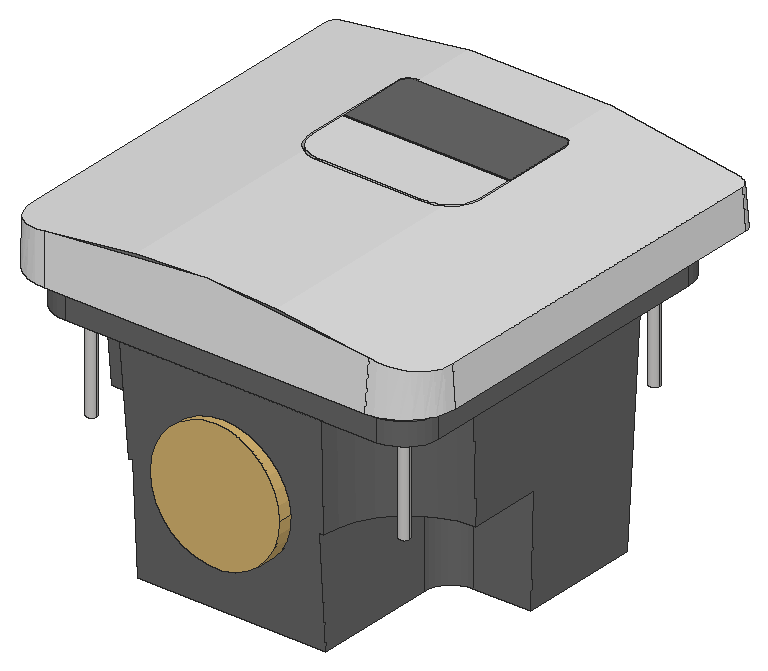
Revit family "Plumbing-Flushometer-Sloan-Valve-TRF-8196_", category Plumbing Fixtures, host Face, Revit 2019
Family settings
  Host = Face
  Round Connector Dimension = Use Diameter
  Part Type = Normal
  OmniClass Number = 23.45.05.14.99
  OmniClass Title = Other Sanitary Washing Plumbing Fixtures
  Cut with Voids When Loaded = Yes
  Shared = No
  Room Calculation Point = No
Parameters (values of type "TRF 8196-0.125-OR")
  z_CL Offset [instance] = if(CL to Finished Wall < MIN CL to Finished Wall, MIN CL to Finished Wall, if(CL to Finished Wall > MAX CL to Finished Wall, MAX CL to Finished Wall, CL to Finished Wall))  # 2"
  Water Outlet Connection Diameter = 1 1/2"  # constant formula
  Water Inlet Connection Diameter = 1 1/2"  # constant formula
  Waste Connection = no
  WFU = 0
  Vent Connection = no
  Valve Pressure Drop = 0.00 psi
  URL = "www.sloanvalve.com"
  Type Comments = ""
  Product data url = "https://bimobject.com/sloan_valve/product/flushometers_truflush_trf-8196"
  Product Material = Sloan Valve - Finish - Polished Chrome
  Product Guid = ""
  Part Number = "3400104"
  Operating Water Pressure = "15 – 80 PSI (103 – 552 kPa)"  # constant formula
  Model = "TRF 8196-0.125-OR"
  Manufacturer = "Sloan Valve"  # constant formula
  MIN CL to Finished Wall [instance] = 2"  # constant formula
  MAX CL to Finished Wall [instance] = 3"  # constant formula
  Keynote = "15410"
  Height = 6 51/256"  # constant formula
  HWFU = 0
  HW Connection = no
  Flush Rate = "0.125 gpf (0.5 Lpf)"
  Edition number = 1
  Description = "0.125 gpf, Filtered, Polished Chrome Finish, Fixture Connection Rear Spud, Single Flush, Electrical Override, Battery, TruFlush Concealed Sensor Urinal Flushometer."
  Default Elevation = 0"
  CWFU = 0
  CW Connection = yes
  CL to Finished Wall [instance] = 2"
  Assembly Code = "D2020300"
  ADA Compliant [instance] = yes
Types (5): name | Product Material | Part Number | Model | Flush Rate | Description
  TRF 8196-0.125-OR | Sloan Valve - Finish - Polished Chrome | "3400104" | "TRF 8196-0.125-OR" | "0.125 gpf (0.5 Lpf)" | "0.125 gpf, Filtered, Polished Chrome Finish, Fixture Connection Rear Spud, Single Flush, Electrical Override, Battery, TruFlush Concealed Sensor Urinal Flushometer."
  TRF 8196-0.25-SF-OR | Sloan Valve - Finish - Brushed Stainless Steel | "3400118" | "TRF 8196-0.25-SF-OR" | "0.25 gpf (0.9 Lpf)" | "0.25 gpf, Filtered, Brushed Stainless Finish, Fixture Connection Rear Spud, Single Flush, Electrical Override, Battery, TruFlush Concealed Sensor Urinal Flushometer."
  TRF 8196-0.5-SF-OR | Sloan Valve - Finish - Brushed Stainless Steel | "3400117" | "TRF 8196-0.5-SF-OR" | "0.5 gpf (1.9 Lpf)" | "0.5 gpf, Filtered, Brushed Stainless Finish, Fixture Connection Rear Spud, Single Flush, Electrical Override, Battery, TruFlush Concealed Sensor Urinal Flushometer."
  TRF 8196-0.25-OR | Sloan Valve - Finish - Polished Chrome | "3400103" | "TRF 8196-0.25-OR" | "0.25 gpf (0.9 Lpf)" | "0.25 gpf, Filtered, Polished Chrome Finish, Fixture Connection Rear Spud, Single Flush, Electrical Override, Battery, TruFlush Concealed Sensor Urinal Flushometer."
  TRF 8196-0.5-OR | Sloan Valve - Finish - Polished Chrome | "3400102" | "TRF 8196-0.5-OR" | "0.5 gpf (1.9 Lpf)" | "0.5 gpf, Filtered, Polished Chrome Finish, Fixture Connection Rear Spud, Single Flush, Electrical Override, Battery, TruFlush Concealed Sensor Urinal Flushometer."
Reference planes (in)
  plane 1 "Center (Front/Back)": y = 0
  plane 2: z = 0
  plane 3 "Center (Left/Right)": x = 0
  plane 4 "Hardwired": y = 1.503
  plane 5: x = 0
  plane 6: x = 3.1
  plane 7: x = -3.1
  plane 8: y = 3.1
  plane 9: y = -3.1
  plane 10: z = -2
  plane 11: z = -3.9002
Forms (in)
  Extrusion 1, void
    sketch origin (0, 0, 0) x (1, 0, 0) y (0, 1, 0)
      loop
        line (3.0392, -2.34612) -> (3.0392, 2.91522)
        arc (3.0392, 2.91522) -> (3.00335, 3.00177) -> (2.91681, 3.03761) r 0.12239
        line (2.91681, 3.03761) -> (-2.92297, 3.03761)
        arc (-2.92297, 3.03761) -> (-3.00515, 3.00357) -> (-3.0392, 2.92138) r 0.11623
        line (-3.0392, 2.92138) -> (-3.0392, -2.34612)
        arc (-3.0392, -2.34612) -> (-2.83843, -2.83082) -> (-2.35373, -3.03159) r 0.68547
        line (-2.35373, -3.03159) -> (2.35373, -3.03159)
        arc (2.35373, -3.03159) -> (2.83843, -2.83082) -> (3.0392, -2.34612) r 0.68547
    from 0 to -3.9002
Dimensions and locks (in)
  plane 3 "Center (Left/Right)" to plane 5 = 0"
  "z_CL Offset": plane 10 to level
  locked: plane 10 to plane 11 at 1.9002
  aligned and locked: plane 2 to host face
  aligned and locked: level to host face
  aligned and locked: plane 3 "Center (Left/Right)" to nested 1
  aligned and locked: plane 1 "Center (Front/Back)" to nested 1
  aligned and locked: Extrusion 1 to plane 11
  aligned and locked: level to Extrusion 1
Automatic sketch dimensions
  host sketch curve to host sketch curve = 96"  (x2)
  Extrusion 1 sketch curve to plane 7 = 0.0608"
  Extrusion 1 sketch curve to Extrusion 1 sketch curve = 0.11623"
  Extrusion 1 sketch curve to Extrusion 1 sketch curve = 0.68547"  (x2)
  plane 8 to Extrusion 1 sketch curve = 0.06239"
  plane 6 to Extrusion 1 sketch curve = 0.18319"
  plane 6 to Extrusion 1 sketch curve = 0.0608"
  plane 9 to Extrusion 1 sketch curve = 0.75388"
Nested families (in)
  nested 1: "Geometry" at (0, 0, 0), type "Geometry"
Connectors (in)
  piping at (0, 3.781, -2), diameter 1.5, driven by "CWFU", driven by "Water Inlet Connection Diameter", driven by "Valve Pressure Drop"
    settings: on nested 1, index 2, connector inside diameter 24", connector length 0", flow factor 0, pipe flow 0 GPM, pressure drop 0.00 psi, fitting loss kfactor 0, connector angle 0.00°, fixture units 0, engagement length 0", angle of deflection 0.00°, flow configuration 3, flow direction 1, fitting loss method 0, system type 20, joint type 0, gender type 0, connector reference index 3, connector utility 0, adjustable connector no, is connector primary yes, connector description "1-1/2” NPT (female) Inlet standard"
  piping at (0, -2.9, -2), diameter 1.5, driven by "CWFU", driven by "Water Outlet Connection Diameter"
    settings: on nested 1, index 3, connector inside diameter 24", connector length 0", flow factor 0, pipe flow 0 GPM, pressure drop 0.00 psi, fitting loss kfactor 0, connector angle 0.00°, fixture units 0, engagement length 0", angle of deflection 0.00°, flow configuration 3, flow direction 2, fitting loss method 0, system type 20, joint type 0, gender type 0, connector reference index 2, connector utility 0, adjustable connector no, is connector primary no, connector description "1-1/2” NPSM Outlet standard"
Definition of nested family "Geometry"
  Parameters (values of type "Geometry")
    Valve Offset = 2"
    URL = ""
    Product Material = none
    Offset = Valve Offset - 1.8"  # 0.2"
    Model = ""
    Manufacturer = ""
    Keynote = ""
    Description = ""
    Default Elevation = 0"
    Assembly Code = ""
  Reference planes (in)
    plane 1 "Center (Front/Back)": y = 0
    plane 2: z = 0
    plane 3 "Center (Left/Right)": x = 0
    plane 4: x = -3.1
    plane 5: x = 3.1
    plane 6: y = -3.1
    plane 7: y = 3.1
    plane 8 "Bottom Part": z = -0.2
    plane 9 "Button": y = 1.503
  Forms (in)
    Extrusion 1, solid
      sketch origin (0, 0, 0) x (1, 0, 0) y (0, 1, 0)
        loop
          line (-48, 48) -> (-48, -48) -> (48, -48) -> (48, 48) -> (-48, 48)
      from 0 to -12
    SweptBlend 2, solid, material <- "Product Material"
      path origin (0, 0, 0) x (0, 1, 0) y (0, 0, 1)
        loop
          line (0, 0) -> (0, 0.95)
      profile origin (0, 0, 0) x (0, -1, 0) y (1, 0, 0)
        loop
          arc (2.35, -3.1) -> (2.88033, -2.88033) -> (3.1, -2.35) r 0.75
          line (3.1, -2.35) -> (3.1, 2.35)
          arc (3.1, 2.35) -> (2.88033, 2.88033) -> (2.35, 3.1) r 0.75
          line (2.35, 3.1) -> (-2.975, 3.1)
          arc (-2.975, 3.1) -> (-3.06339, 3.06339) -> (-3.1, 2.975) r 0.125
          line (-3.1, 2.975) -> (-3.1, -2.975)
          arc (-3.1, -2.975) -> (-3.06339, -3.06339) -> (-2.975, -3.1) r 0.125
          line (-2.975, -3.1) -> (2.35, -3.1)
      end profile origin (0, 0, 0.95) x (0, -1, 0) y (1, 0, 0)
        loop
          arc (2.392, -3.052) -> (2.85869, -2.85869) -> (3.052, -2.392) r 0.66
          line (3.052, -2.392) -> (3.052, 2.392)
          arc (3.052, 2.392) -> (2.85869, 2.85869) -> (2.392, 3.052) r 0.66
          line (2.392, 3.052) -> (-2.929, 3.052)
          arc (-2.929, 3.052) -> (-3.01597, 3.01597) -> (-3.052, 2.929) r 0.123
          line (-3.052, 2.929) -> (-3.052, -2.929)
          arc (-3.052, -2.929) -> (-3.01597, -3.01597) -> (-2.929, -3.052) r 0.123
          line (-2.929, -3.052) -> (2.392, -3.052)
    Extrusion 3, void
      sketch origin (0, 6, 0) x (1, 0, 0) y (0, 0, 1)
        loop
          line (3.1, 0.57778) -> (3.1, 1.19077) -> (-3.1, 1.19077) -> (-3.1, 0.57778)
          arc (-3.1, 0.57778) -> (0, 0.93763) -> (3.1, 0.57778) r 13.53263
      from 2.9 to 9.1
    Extrusion 4, void
      sketch origin (0, 3.052, 0.95) x (1, 0, 0) y (0, -1, 0)
        loop
          line (0.728, 3.14) -> (-0.728, 3.14)
          arc (-0.728, 3.14) -> (-1.09145, 2.98945) -> (-1.242, 2.626) r 0.514
          line (-1.242, 2.626) -> (-1.242, 1.049)
          arc (-1.242, 1.049) -> (-1.20275, 0.95425) -> (-1.108, 0.915) r 0.134
          line (-1.108, 0.915) -> (1.108, 0.915)
          arc (1.108, 0.915) -> (1.20275, 0.95425) -> (1.242, 1.049) r 0.134
          line (1.242, 1.049) -> (1.242, 2.626)
          arc (1.242, 2.626) -> (1.09145, 2.98945) -> (0.728, 3.14) r 0.514
      from 0 to 0.183
    Extrusion 5, solid
      sketch origin (0, 0, 0) x (1, 0, 0) y (0, 1, 0)
        loop
          line (-1.22397, 2.003) -> (-1.22397, 1.003) -> (1.224, 1.003) -> (1.224, 2.003)
          arc (1.224, 2.003) -> (1.18475, 2.09775) -> (1.09, 2.137) r 0.134
          line (1.09, 2.137) -> (-1.08997, 2.137)
          arc (-1.08997, 2.137) -> (-1.18472, 2.09775) -> (-1.22397, 2.003) r 0.134
      from 0.767 to 0.96878
    Extrusion 6, solid, material <- "Product Material"
      sketch origin (0, 0, 0) x (1, 0, 0) y (0, 1, 0)
        loop
          line (-1.22397, 0.97) -> (-1.22397, 0.454)
          arc (-1.22397, 0.454) -> (-1.07664, 0.09833) -> (-0.72097, -0.049) r 0.503
          line (-0.72097, -0.049) -> (0.721, -0.049)
          arc (0.721, -0.049) -> (1.07667, 0.09833) -> (1.224, 0.454) r 0.503
          line (1.224, 0.454) -> (1.224, 0.97) -> (-1.22397, 0.97)
      from 0.767 to 0.97972
    Extrusion 7, solid
      sketch origin (0, 0, -0.2) x (0, -1, 0) y (1, 0, 0)
        loop
          arc (-2.8, -2.3) -> (-2.65355, -2.65355) -> (-2.3, -2.8) r 0.5
          line (-2.3, -2.8) -> (2.3, -2.8)
          arc (2.3, -2.8) -> (2.65355, -2.65355) -> (2.8, -2.3) r 0.5
          line (2.8, -2.3) -> (2.8, 2.3)
          arc (2.8, 2.3) -> (2.65355, 2.65355) -> (2.3, 2.8) r 0.5
          line (2.3, 2.8) -> (-2.3, 2.8)
          arc (-2.3, 2.8) -> (-2.65355, 2.65355) -> (-2.8, 2.3) r 0.5
          line (-2.8, 2.3) -> (-2.8, -2.3)
      from 0 to -0.331
    SweptBlend 8, solid
      path origin (0, 0, 0) x (0, 1, 0) y (0, 0, 1)
        loop
          line (0, -0.531) -> (0, -3.7)
      profile origin (0, 0, -0.531) x (1, 0, 0) y (0, 1, 0)
        loop
          arc (1.487, -2.8) -> (1.84989, -1.92389) -> (2.726, -1.561) r 1.239
          line (2.726, -1.561) -> (2.726, 1.487)
          arc (2.726, 1.487) -> (1.84989, 1.84989) -> (1.487, 2.726) r 1.239
          line (1.487, 2.726) -> (-1.487, 2.726)
          arc (-1.487, 2.726) -> (-1.84989, 1.84989) -> (-2.726, 1.487) r 1.239
          line (-2.726, 1.487) -> (-2.726, -1.561)
          arc (-2.726, -1.561) -> (-1.84989, -1.92389) -> (-1.487, -2.8) r 1.239
          line (-1.487, -2.8) -> (1.487, -2.8)
      end profile origin (0, 0, -3.7) x (1, 0, 0) y (0, 1, 0)
        loop
          arc (2.618, 1.379) -> (1.74189, 1.74189) -> (1.379, 2.618) r 1.239
          line (1.379, 2.618) -> (-1.379, 2.618)
          arc (-1.379, 2.618) -> (-1.74189, 1.74189) -> (-2.618, 1.379) r 1.239
          line (-2.618, 1.379) -> (-2.618, -1.359)
          arc (-2.618, -1.359) -> (-1.74189, -1.72189) -> (-1.379, -2.598) r 1.239
          line (-1.379, -2.598) -> (1.379, -2.598)
          arc (1.379, -2.598) -> (1.74189, -1.72189) -> (2.618, -1.359) r 1.239
          line (2.618, -1.359) -> (2.618, 1.379)
    Extrusion 9, void
      sketch origin (0, 0, -0.2) x (0, -1, 0) y (1, 0, 0)
        loop
          line (0.385, -3.1) -> (3.68016, -3.1) -> (3.68016, 3.1) -> (0.385, 3.1) -> (0.385, 1.779)
          arc (0.385, 1.779) -> (0.50216, 1.49616) -> (0.785, 1.379) r 0.4
          line (0.785, 1.379) -> (2.835, 1.379) -> (2.835, -1.379) -> (0.785, -1.379)
          arc (0.785, -1.379) -> (0.50216, -1.49616) -> (0.385, -1.779) r 0.4
          line (0.385, -1.779) -> (0.385, -3.1)
      from -1.9 to -3.5
    Extrusion 10, solid
      sketch origin (0, 0, 0) x (1, 0, 0) y (0, 1, 0)
        loop
          circle (-2.298, 2.298) r 0.075
        loop
          circle (2.298, 2.298) r 0.075
        loop
          circle (-2.298, -2.298) r 0.075
        loop
          circle (2.298, -2.298) r 0.075
      from 0 to -2
    Extrusion 11, solid
      sketch origin (0, 0, 0) x (1, 0, 0) y (0, 1, 0)
        loop
          line (-2.06091, 2.70093) -> (-2.34152, 2.68623) -> (-2.68447, 2.35504) -> (-2.69983, 2.06201)
          arc (-2.69983, 2.06201) -> (-2.52368, 1.84978) -> (-2.25448, 1.90977) r 0.26441
          line (-2.25448, 1.90977) -> (-1.91153, 2.24096)
          arc (-1.91153, 2.24096) -> (-1.84253, 2.51761) -> (-2.06091, 2.70093) r 0.26906
        loop
          arc (2.06091, 2.70093) -> (1.84253, 2.51761) -> (1.91153, 2.24096) r 0.26906
          line (1.91153, 2.24096) -> (2.25448, 1.90977)
          arc (2.25448, 1.90977) -> (2.52368, 1.84978) -> (2.69983, 2.06201) r 0.26441
          line (2.69983, 2.06201) -> (2.68447, 2.35504) -> (2.34152, 2.68623) -> (2.06091, 2.70093)
        loop
          arc (-2.06091, -2.70093) -> (-1.84253, -2.51761) -> (-1.91153, -2.24096) r 0.26906
          line (-1.91153, -2.24096) -> (-2.25448, -1.90977)
          arc (-2.25448, -1.90977) -> (-2.52368, -1.84978) -> (-2.69983, -2.06201) r 0.26441
          line (-2.69983, -2.06201) -> (-2.68447, -2.35504) -> (-2.34152, -2.68623) -> (-2.06091, -2.70093)
        loop
          line (2.06091, -2.70093) -> (2.34152, -2.68623) -> (2.68447, -2.35504) -> (2.69983, -2.06201)
          arc (2.69983, -2.06201) -> (2.52368, -1.84978) -> (2.25448, -1.90977) r 0.26441
          line (2.25448, -1.90977) -> (1.91153, -2.24096)
          arc (1.91153, -2.24096) -> (1.84253, -2.51761) -> (2.06091, -2.70093) r 0.26906
      from 0 to -0.107
    Extrusion 12, solid
      sketch origin (0, 0, 0) x (1, 0, 0) y (0, 1, 0)
        loop
          arc (0.2805, 2.6767) -> (0, 2.7) -> (-0.2805, 2.6767) r 1.7
          arc (-0.2805, 2.6767) -> (-0.33124, 2.65921) -> (-0.36564, 2.618) r 0.1
          arc (-0.36564, 2.618) -> (-0.51507, 2.56293) -> (-0.65837, 2.49344) r 1.619
          line (-0.65837, 2.49344) -> (-0.62128, 2.42567)
          arc (-0.62128, 2.42567) -> (-0.47818, 2.4974) -> (-0.32823, 2.55342) r 1.494
          arc (-0.32823, 2.55342) -> (-0.30117, 2.58965) -> (-0.25987, 2.6081) r 0.08982
          arc (-0.25987, 2.6081) -> (0, 2.62969) -> (0.25988, 2.6081) r 1.575
          arc (0.25988, 2.6081) -> (0.30117, 2.58965) -> (0.32823, 2.55342) r 0.08982
          arc (0.32823, 2.55342) -> (0.47818, 2.4974) -> (0.62128, 2.42567) r 1.494
          line (0.62128, 2.42567) -> (0.65837, 2.49344)
          arc (0.65837, 2.49344) -> (0.51507, 2.56293) -> (0.36564, 2.618) r 1.619
          arc (0.36564, 2.618) -> (0.33124, 2.65921) -> (0.2805, 2.6767) r 0.1
      from 0 to -0.5
    Extrusion 13, void
      sketch origin (0, 0, 0) x (1, 0, 0) y (0, 1, 0)
        loop
          spline (3.0392, 2.92138) -> (3.0372, 2.93697) -> (3.03331, 2.95218) -> (3.02759, 2.96676) -> (3.02013, 2.98049) -> (3.01105, 2.99314) -> (3.00049, 3.00452) -> (2.98862, 3.01444) -> (2.97563, 3.02275) -> (2.96173, 3.02931) -> (2.94714, 3.03402) -> (2.93208, 3.0368) -> (2.91681, 3.03761)
          line (2.91681, 3.03761) -> (-2.91681, 3.03761)
          spline (-2.91681, 3.03761) -> (-2.93208, 3.0368) -> (-2.94714, 3.03402) -> (-2.96173, 3.02931) -> (-2.97563, 3.02275) -> (-2.98862, 3.01444) -> (-3.00049, 3.00452) -> (-3.01105, 2.99314) -> (-3.02013, 2.98049) -> (-3.02759, 2.96676) -> (-3.03331, 2.95218) -> (-3.0372, 2.93697) -> (-3.0392, 2.92138)
          line (-3.0392, 2.92138) -> (-3.0392, -2.36971)
          spline (-3.0392, -2.36971) -> (-3.02997, -2.45784) -> (-3.00977, -2.544) -> (-2.97892, -2.62678) -> (-2.93794, -2.70484) -> (-2.88748, -2.77691) -> (-2.82838, -2.84181) -> (-2.76158, -2.89848) -> (-2.68819, -2.946) -> (-2.60939, -2.9836) -> (-2.52647, -3.01066) -> (-2.44079, -3.02674) -> (-2.35373, -3.03159)
          line (-2.35373, -3.03159) -> (2.35373, -3.03159)
          spline (2.35373, -3.03159) -> (2.44079, -3.02674) -> (2.52647, -3.01066) -> (2.60939, -2.9836) -> (2.68819, -2.946) -> (2.76158, -2.89848) -> (2.82838, -2.84181) -> (2.88748, -2.77691) -> (2.93794, -2.70484) -> (2.97892, -2.62678) -> (3.00977, -2.544) -> (3.02997, -2.45784) -> (3.0392, -2.36971)
          line (3.0392, -2.36971) -> (3.0392, 2.92138)
      from 0 to 0.07498
    Extrusion 14, solid
      sketch origin (0, 0, 0) x (1, 0, 0) y (0, 1, 0)
        loop
          spline (-2.91681, 3.03761) -> (-2.93208, 3.0368) -> (-2.94714, 3.03402) -> (-2.96173, 3.02931) -> (-2.97563, 3.02275) -> (-2.98862, 3.01444) -> (-3.00049, 3.00452) -> (-3.01105, 2.99314) -> (-3.02013, 2.98049) -> (-3.02759, 2.96676) -> (-3.03331, 2.95218) -> (-3.0372, 2.93697) -> (-3.0392, 2.92138)
          line (-3.0392, 2.92138) -> (-3.0392, -2.36971)
          spline (-3.0392, -2.36971) -> (-3.02997, -2.45784) -> (-3.00977, -2.544) -> (-2.97892, -2.62678) -> (-2.93794, -2.70484) -> (-2.88748, -2.77691) -> (-2.82838, -2.84181) -> (-2.76158, -2.89848) -> (-2.68819, -2.946) -> (-2.60939, -2.9836) -> (-2.52647, -3.01066) -> (-2.44079, -3.02674) -> (-2.35373, -3.03159)
          line (-2.35373, -3.03159) -> (2.35373, -3.03159)
          spline (2.35373, -3.03159) -> (2.44079, -3.02674) -> (2.52647, -3.01066) -> (2.60939, -2.9836) -> (2.68819, -2.946) -> (2.76158, -2.89848) -> (2.82838, -2.84181) -> (2.88748, -2.77691) -> (2.93794, -2.70484) -> (2.97892, -2.62678) -> (3.00977, -2.544) -> (3.02997, -2.45784) -> (3.0392, -2.36971)
          line (3.0392, -2.36971) -> (3.0392, 2.92138)
          spline (3.0392, 2.92138) -> (3.0372, 2.93697) -> (3.03331, 2.95218) -> (3.02759, 2.96676) -> (3.02013, 2.98049) -> (3.01105, 2.99314) -> (3.00049, 3.00452) -> (2.98862, 3.01444) -> (2.97563, 3.02275) -> (2.96173, 3.02931) -> (2.94714, 3.03402) -> (2.93208, 3.0368) -> (2.91681, 3.03761)
          line (2.91681, 3.03761) -> (-2.91681, 3.03761)
      from 0 to 0.07498
    Extrusion 15, solid
      sketch origin (0, 0, 0) x (1, 0, 0) y (0, 0, 1)
        loop
          circle (0, -2) r 0.95
      from 2.9 to -3.781
    Revolve 16, void
      sketch origin (0, 0, 0) x (0, 1, 0) y (0, 0, 1)
        loop
          line (2.75223, -1.05) -> (3.97258, -1.08891) -> (3.97258, -0.83891) -> (2.75223, -0.83891) -> (2.75223, -1.05)
        axis (3.97258, -2) -> (2.75223, -2)
      angle from 0 to 360
    Revolve 17, solid
      sketch origin (0, 0, 0) x (0, 1, 0) y (0, 0, 1)
        loop
          line (-1, -3.9) -> (-0.45, -3.9)
          arc (-0.45, -3.9) -> (-0.32272, -3.84728) -> (-0.27, -3.72) r 0.18
          line (-0.27, -3.72) -> (-0.27, -1.7) -> (0.39, -1.7) -> (0.39, -0.1) -> (-1, -0.1) -> (-1, -3.9)
        axis (-1, -3.9) -> (-1, -0.1)
      angle from 0 to 360
  Cuts and joins
    Extrusion 3, Extrusion 4, Extrusion 13 cuts SweptBlend 2
    Extrusion 3 cuts Extrusion 5
    Extrusion 3 cuts Extrusion 6
    Extrusion 9 cuts SweptBlend 8
    joined: Extrusion 11, Extrusion 12, Extrusion 14
    Revolve 16 cuts Extrusion 15
    joined: Extrusion 15, Revolve 17
  Lines and regions (in)
    Masking region 1
      outline origin (0, 0, 0) x (1, 0, 0) y (0, 0, 1)
        loop
          line (-2.8, -0.2) -> (-2.8, -0.531) -> (-2.726, -0.531) -> (-2.618, -3.7) -> (-0.72989, -3.7)
          arc (-0.72989, -3.7) -> (-0.69151, -3.83837) -> (-0.5612, -3.89867) r 0.17095
          line (-0.5612, -3.89867) -> (0.54249, -3.89867)
          arc (0.54249, -3.89867) -> (0.68297, -3.84048) -> (0.74116, -3.7) r 0.19867
          line (0.74116, -3.7) -> (2.618, -3.7) -> (2.726, -0.531) -> (2.8, -0.531) -> (2.8, -0.2) -> (2.373, -0.2) -> (2.373, -0.107) -> (2.69983, -0.107) -> (2.69983, 0) -> (3.1, 0) -> (3.07046, 0.58469)
          arc (3.07046, 0.58469) -> (0, 0.93763) -> (-3.07046, 0.58469) r 13.53263
          line (-3.07046, 0.58469) -> (-3.1, 0) -> (-2.69983, 0) -> (-2.69983, -0.107) -> (-2.373, -0.107) -> (-2.373, -0.2) -> (-2.8, -0.2)
        loop
          line (-1.39, -0.1) -> (-0.65837, -0.1) -> (-0.65837, 0) -> (-1.82937, 0) -> (-1.82937, -0.107) -> (-2.223, -0.107) -> (-2.223, -0.2) -> (-1.39, -0.2) -> (-1.39, -0.1)
        loop
          line (1.39, -0.1) -> (1.39, -0.2) -> (2.223, -0.2) -> (2.223, -0.107) -> (1.82937, -0.107) -> (1.82937, 0) -> (0.65837, 0) -> (0.65837, -0.1) -> (1.39, -0.1)
    symbolic lines, detail levels medium+fine
      curve 1: circle (0, 0, -2) r 0.95 normal (0, -1, 0)
      curve 4: line (-2.8, 0, -0.531) -> (2.8, 0, -0.531)
      curve 5: line (2.8, 0, -0.2) -> (-2.8, 0, -0.2)
      curve 9: line (-2.618, 0, -3.7) -> (2.618, 0, -3.7)
      curve 13: line (-2.223, 1.503, -2) -> (-2.373, 1.503, -2)
      curve 14: line (2.373, 1.503, -2) -> (2.223, 1.503, -2)
      curve 15: line (-2.373, 1.503, -2) -> (-2.373, 1.503, -0.531)
      curve 16: line (-2.223, 1.503, -2) -> (-2.223, 1.503, -0.531)
      curve 17: line (2.223, 1.503, -2) -> (2.223, 1.503, -0.531)
      curve 18: line (2.373, 1.503, -2) -> (2.373, 1.503, -0.531)
      curve 19: line (-3.1, 1.503, 0) -> (3.1, 1.503, 0)
    symbolic lines, detail levels fine
      curve 2: line (-1.487, 0, -0.531) -> (-1.43353, 0, -2.1)
      curve 3: line (1.43353, 0, -2.1) -> (1.487, 0, -0.531)
      curve 6: line (2.67253, 0, -2.1) -> (1.379, 0, -2.1)
      curve 7: line (-1.379, 0, -3.7) -> (-1.379, 0, -2.1)
      curve 8: line (1.379, 0, -2.1) -> (1.379, 0, -3.7)
      curve 10: line (-1.379, 0, -2.1) -> (-2.67253, 0, -2.1)
      curve 11: line (2.69983, 1.503, -0.107) -> (1.82937, 1.503, -0.107)
      curve 12: line (-1.82937, 1.503, -0.107) -> (-2.69983, 1.503, -0.107)
  Dimensions and locks (in)
    "Offset": level to plane 8 "Bottom Part"
    locked: plane 8 "Bottom Part" to SweptBlend 8 sketch curve at 3.5
    locked: plane 8 "Bottom Part" to SweptBlend 8 sketch curve at 0.331
    locked: plane 8 "Bottom Part" to Extrusion 15 sketch curve at 1.8
    locked: plane 8 "Bottom Part" to Revolve 16 sketch curve at 1.8
    Revolve 17 sketch curve to plane 8 "Bottom Part" = 0.1"
    locked: plane 8 "Bottom Part" to Revolve 17 sketch curve at 3.7
    locked: plane 8 "Bottom Part" to Revolve 17 sketch curve at 1.5
    locked: level to Extrusion 3 sketch curve at 1.19077
    locked: level to Extrusion 3 sketch curve at 0.57778  (x2)
    locked: Masking region 1 sketch curve to Masking region 1 sketch curve at 0.19867
    locked: plane 8 "Bottom Part" to Masking region 1 sketch curve at 3.5
    radius of Extrusion 3 sketch curve = 13.53263"
    aligned and locked: plane 2 to Extrusion 1
    aligned and locked: level to Extrusion 1
    aligned and locked: SweptBlend 2 sketch curve to plane 4
    aligned and locked: plane 7 to SweptBlend 2 sketch curve
    aligned and locked: plane 5 to SweptBlend 2 sketch curve
    aligned and locked: SweptBlend 2 sketch curve to plane 6
    aligned and locked: plane 3 "Center (Left/Right)" to Extrusion 15 sketch curve
    aligned and locked: Masking region 1 sketch curve to plane 8 "Bottom Part"  (x2)
    aligned and locked: Extrusion 7 to Masking region 1 sketch curve
    aligned and locked: Masking region 1 sketch curve to cut or joined group of SweptBlend 8, Extrusion 9  (x3)
    aligned and locked: Masking region 1 sketch curve to Extrusion 7  (x3)
    aligned and locked: Masking region 1 sketch curve to cut or joined group of Extrusion 15, Revolve 16, Revolve 17  (x2)
    aligned and locked: curve 1 to cut or joined group of Extrusion 15, Revolve 16, Revolve 17
    aligned and locked: curve 2 to cut or joined group of SweptBlend 8, Extrusion 9
    aligned and locked: curve 3 to cut or joined group of SweptBlend 8, Extrusion 9
    aligned and locked: curve 4 to Extrusion 7
    aligned and locked: curve 5 to Extrusion 7
    aligned and locked: curve 6 to cut or joined group of SweptBlend 8, Extrusion 9
    aligned and locked: curve 7 to cut or joined group of SweptBlend 8, Extrusion 9
    aligned and locked: curve 8 to cut or joined group of SweptBlend 8, Extrusion 9
    aligned and locked: curve 9 to cut or joined group of SweptBlend 8, Extrusion 9
    aligned and locked: curve 11 to cut or joined group of Extrusion 11, Extrusion 12, Extrusion 14
    aligned and locked: cut or joined group of Extrusion 11, Extrusion 12, Extrusion 14 to Masking region 1 sketch curve  (x5)
    aligned and locked: Extrusion 1 to Masking region 1 sketch curve  (x4)
    aligned and locked: Masking region 1 sketch curve to cut or joined group of SweptBlend 2, Extrusion 3, Extrusion 4, Extrusion 13
    aligned and locked: Masking region 1 sketch curve to cut or joined group of Extrusion 11, Extrusion 12, Extrusion 14
    aligned and locked: Extrusion 10 to curve 13
    aligned and locked: curve 12 to cut or joined group of Extrusion 11, Extrusion 12, Extrusion 14
    aligned and locked: level to curve 19
    aligned and locked: curve 14 to Extrusion 10
    aligned and locked: Extrusion 10 to curve 17
  Automatic sketch dimensions
    Extrusion 1 sketch curve to Extrusion 1 sketch curve = 96"  (x2)
    SweptBlend 2 sketch curve to plane 1 "Center (Front/Back)" = 0"
    SweptBlend 2 sketch curve to level = 0"
    level to SweptBlend 2 sketch curve = 0.95"
    SweptBlend 2 sketch curve to SweptBlend 2 sketch curve = 1/8"  (x2)
    SweptBlend 2 sketch curve to SweptBlend 2 sketch curve = 3/4"  (x2)
    profile plane to SweptBlend 2 sketch curve = 3.052"
    SweptBlend 2 sketch curve to SweptBlend 2 sketch curve = 0.123"  (x2)
    SweptBlend 2 sketch curve to profile plane = 2.392"  (x2)
    SweptBlend 2 sketch curve to SweptBlend 2 sketch curve = 0.66"
    SweptBlend 2 sketch curve to plane 3 "Center (Left/Right)" = 3.052"
    plane 3 "Center (Left/Right)" to SweptBlend 2 sketch curve = 2.392"
    plane 4 to Extrusion 3 sketch curve = 0"
    Extrusion 3 sketch curve to plane 3 "Center (Left/Right)" = 0"
    Extrusion 4 sketch curve to plane 3 "Center (Left/Right)" = 1.242"
    Extrusion 4 sketch curve to Extrusion 4 sketch curve = 0.134"  (x2)
    plane 1 "Center (Front/Back)" to Extrusion 4 sketch curve = 0.088"
    Extrusion 4 sketch curve to Extrusion 4 sketch curve = 0.514"
    plane 3 "Center (Left/Right)" to Extrusion 4 sketch curve = 0.728"
    plane 3 "Center (Left/Right)" to Extrusion 4 sketch curve = 1.108"
    plane 7 to Extrusion 4 sketch curve = 1.097"
    Extrusion 5 sketch curve to plane 3 "Center (Left/Right)" = 1.22397"
    Extrusion 5 sketch curve to Extrusion 5 sketch curve = 0.134"  (x2)
    plane 3 "Center (Left/Right)" to Extrusion 5 sketch curve = 1.09"
    Extrusion 5 sketch curve to plane 1 "Center (Front/Back)" = 1.003"
    Extrusion 5 sketch curve to Extrusion 5 sketch curve = 1"
    Extrusion 6 sketch curve to plane 3 "Center (Left/Right)" = 1.22397"
    Extrusion 6 sketch curve to Extrusion 6 sketch curve = 0.503"
    plane 1 "Center (Front/Back)" to Extrusion 6 sketch curve = 0.049"
    plane 3 "Center (Left/Right)" to Extrusion 6 sketch curve = 0.721"
    Extrusion 6 sketch curve to plane 1 "Center (Front/Back)" = 0.454"
    Extrusion 6 sketch curve to Extrusion 6 sketch curve = 0.516"
    plane 7 to Extrusion 7 sketch curve = 0.3"
    Extrusion 7 sketch curve to Extrusion 7 sketch curve = 1/2"  (x2)
    Extrusion 7 sketch curve to plane 4 = 0.3"
    plane 6 to Extrusion 7 sketch curve = 0.8"  (x2)
    Extrusion 7 sketch curve to plane 5 = 0.3"
    plane 6 to Extrusion 7 sketch curve = 0.3"
    SweptBlend 8 sketch curve to plane 1 "Center (Front/Back)" = 0"
    SweptBlend 8 sketch curve to plane 3 "Center (Left/Right)" = 2.726"
    SweptBlend 8 sketch curve to SweptBlend 8 sketch curve = 1.239"  (x6)
    plane 3 "Center (Left/Right)" to SweptBlend 8 sketch curve = 1.487"  (x2)
    profile plane to SweptBlend 8 sketch curve = 2.8"
    SweptBlend 8 sketch curve to profile plane = 1.487"
    SweptBlend 8 sketch curve to plane 3 "Center (Left/Right)" = 2.618"
    plane 3 "Center (Left/Right)" to SweptBlend 8 sketch curve = 1.379"  (x2)
    profile plane to SweptBlend 8 sketch curve = 2.598"
    SweptBlend 8 sketch curve to profile plane = 1.379"
    Extrusion 9 sketch curve to plane 4 = 0"
    Extrusion 9 sketch curve to plane 5 = 0"
    plane 1 "Center (Front/Back)" to Extrusion 9 sketch curve = 0.385"  (x2)
    Extrusion 9 sketch curve to Extrusion 9 sketch curve = 0.4"  (x2)
    plane 6 to Extrusion 9 sketch curve = 0.265"
    Extrusion 9 sketch curve to plane 6 = 0.58016"
    Extrusion 9 sketch curve to plane 4 = 1.321"
    plane 3 "Center (Left/Right)" to Extrusion 9 sketch curve = 1.379"
    Extrusion 9 sketch curve to Extrusion 9 sketch curve = 0"
    Extrusion 10 sketch curve to plane 4 = 0.802"  (x2)
    Extrusion 10 sketch curve to plane 5 = 0.802"  (x2)
    plane 6 to Extrusion 10 sketch curve = 0.802"  (x2)
    plane 7 to Extrusion 10 sketch curve = 0.802"  (x2)
    Extrusion 11 sketch curve to plane 4 = 0.40017"  (x2)
    Extrusion 11 sketch curve to Extrusion 11 sketch curve = 0.01536"  (x2)
    Extrusion 11 sketch curve to Extrusion 11 sketch curve = 0.26167"  (x4)
    Extrusion 11 sketch curve to Extrusion 11 sketch curve = 0.34295"  (x4)
    Extrusion 11 sketch curve to Extrusion 11 sketch curve = 0.18368"  (x4)
    Extrusion 11 sketch curve to Extrusion 11 sketch curve = 0.24309"  (x2)
    plane 7 to Extrusion 11 sketch curve = 0.39907"  (x2)
    Extrusion 11 sketch curve to Extrusion 11 sketch curve = 0.03753"  (x3)
    plane 6 to Extrusion 11 sketch curve = 0.39907"  (x2)
    plane 7 to Extrusion 11 sketch curve = 0.85904"
    Extrusion 11 sketch curve to Extrusion 11 sketch curve = 0.18691"  (x3)
    plane 6 to Extrusion 11 sketch curve = 0.85904"
    Extrusion 11 sketch curve to plane 5 = 1.18847"  (x2)
    Extrusion 11 sketch curve to Extrusion 11 sketch curve = 0.14938"  (x2)
    Extrusion 11 sketch curve to Extrusion 11 sketch curve = 0.28061"  (x2)
    Extrusion 11 sketch curve to Extrusion 11 sketch curve = 0.24632"  (x2)
    Extrusion 11 sketch curve to Extrusion 11 sketch curve = 0.01471"  (x4)
    Extrusion 11 sketch curve to Extrusion 11 sketch curve = 0.26643"
    Extrusion 11 sketch curve to Extrusion 11 sketch curve = 0.33118"  (x4)
    Extrusion 11 sketch curve to Extrusion 11 sketch curve = 0.25507"  (x2)
    Extrusion 11 sketch curve to Extrusion 11 sketch curve = 0.03796"  (x2)
    Extrusion 11 sketch curve to Extrusion 11 sketch curve = 0.79116"
    Extrusion 11 sketch curve to Extrusion 11 sketch curve = 0.15224"  (x2)
    Extrusion 11 sketch curve to Extrusion 11 sketch curve = 0.29303"  (x2)
    Extrusion 12 sketch curve to plane 3 "Center (Left/Right)" = 0"  (x2)
    Extrusion 12 sketch curve to plane 3 "Center (Left/Right)" = 0.11883"
    Extrusion 12 sketch curve to Extrusion 12 sketch curve = 0"  (x4)
    Extrusion 12 sketch curve to plane 3 "Center (Left/Right)" = 0.24505"
    Extrusion 12 sketch curve to Extrusion 12 sketch curve = 0.02943"  (x2)
    Extrusion 12 sketch curve to Extrusion 12 sketch curve = 0.3468"  (x2)
    Extrusion 12 sketch curve to Extrusion 12 sketch curve = 0.03709"  (x2)
    plane 3 "Center (Left/Right)" to Extrusion 12 sketch curve = 0.11883"
    plane 3 "Center (Left/Right)" to Extrusion 12 sketch curve = 0.24505"
    Extrusion 12 sketch curve to plane 1 "Center (Front/Back)" = 1"
    Extrusion 12 sketch curve to Extrusion 12 sketch curve = 7/128"  (x3)
    Extrusion 12 sketch curve to Extrusion 12 sketch curve = 0.0185"  (x2)
    plane 7 to Extrusion 12 sketch curve = 0.67433"  (x2)
    Extrusion 12 sketch curve to Extrusion 12 sketch curve = 0.06777"  (x2)
    Extrusion 12 sketch curve to Extrusion 12 sketch curve = 0.09384"  (x2)
    Extrusion 12 sketch curve to Extrusion 12 sketch curve = 0.05737"  (x2)
    Extrusion 12 sketch curve to Extrusion 12 sketch curve = 0.01461"
    Extrusion 12 sketch curve to Extrusion 12 sketch curve = 0.02062"
    Extrusion 12 sketch curve to Extrusion 12 sketch curve = 0.0374"
    Extrusion 12 sketch curve to Extrusion 12 sketch curve = 0.02063"
    Extrusion 13 sketch curve to plane 4 = 0.0608"
    plane 7 to Extrusion 13 sketch curve = 0.06239"
    Extrusion 13 sketch curve to Extrusion 13 sketch curve = 0.12239"
    Extrusion 13 sketch curve to plane 5 = 0.18319"
    Extrusion 13 sketch curve to plane 5 = 0.0608"
    Extrusion 13 sketch curve to Extrusion 13 sketch curve = 0.11623"  (x2)
    plane 6 to Extrusion 13 sketch curve = 0.73029"  (x2)
    Extrusion 13 sketch curve to Extrusion 13 sketch curve = 0.00139"  (x2)
    Extrusion 13 sketch curve to Extrusion 13 sketch curve = 0.12101"  (x2)
    plane 6 to Extrusion 13 sketch curve = 0.07583"
    Extrusion 13 sketch curve to plane 4 = 0.64028"
    Extrusion 13 sketch curve to Extrusion 13 sketch curve = 0.68267"  (x2)
    plane 6 to Extrusion 13 sketch curve = 0.06841"
    Extrusion 13 sketch curve to plane 5 = 0.74627"
    Extrusion 13 sketch curve to Extrusion 13 sketch curve = 0.10599"
    plane 7 to Extrusion 14 sketch curve = 0.06239"
    Extrusion 14 sketch curve to plane 4 = 0.18319"
    Extrusion 14 sketch curve to Extrusion 14 sketch curve = 0.00138"  (x2)
    Extrusion 14 sketch curve to Extrusion 14 sketch curve = 0.00139"  (x2)
    Extrusion 14 sketch curve to plane 4 = 0.0608"
    Extrusion 14 sketch curve to plane 5 = 0.18319"
    Extrusion 14 sketch curve to Extrusion 14 sketch curve = 0.00845"  (x2)
    Extrusion 14 sketch curve to plane 5 = 0.0608"
    plane 6 to Extrusion 14 sketch curve = 0.73029"  (x2)
    plane 6 to Extrusion 14 sketch curve = 0.07583"
    Extrusion 14 sketch curve to plane 4 = 0.64028"
    Extrusion 14 sketch curve to Extrusion 14 sketch curve = 0.68267"  (x2)
    plane 6 to Extrusion 14 sketch curve = 0.06841"
    Extrusion 14 sketch curve to plane 5 = 0.74627"
    Extrusion 14 sketch curve to Extrusion 14 sketch curve = 0.10599"
    plane 7 to Revolve 16 sketch curve = 0.34777"
    Revolve 16 sketch curve to plane 7 = 0.87258"
    Revolve 16 sketch curve to plane 8 "Bottom Part" = 0.85"
    plane 7 to Revolve 16 sketch curve = 1.069"
    Revolve 16 sketch curve to plane 7 = 0.681"
    Revolve 16 sketch curve to Revolve 16 sketch curve = 1/4"
    Revolve 16 sketch curve to Revolve 16 sketch curve = 0.21109"
    plane 1 "Center (Front/Back)" to Revolve 17 sketch curve = 1"
    plane 1 "Center (Front/Back)" to Revolve 17 sketch curve = 0.45"
    Revolve 17 sketch curve to Revolve 17 sketch curve = 0.18"
    Revolve 17 sketch curve to plane 1 "Center (Front/Back)" = 0.39"
    Revolve 17 sketch curve to Revolve 17 sketch curve = 0"
    Revolve 17 sketch curve to Revolve 17 sketch curve = 0.55341"
    Revolve 17 sketch curve to level = 0.25341"
    curve 10 to curve 1 = 0.1"
    curve 9 to plane 4 = 0.482"
    curve 10 to plane 4 = 0.42747"
    curve 5 to plane 4 = 0.3"
    curve 4 to plane 4 = 0.3"
    curve 9 to plane 5 = 0.482"
    curve 6 to plane 5 = 0.42747"
    curve 5 to plane 5 = 0.3"
    curve 4 to plane 5 = 0.3"
    Masking region 1 sketch curve to plane 8 "Bottom Part" = 0"
    Masking region 1 sketch curve to Masking region 1 sketch curve = 0.10017"  (x2)
    Masking region 1 sketch curve to Masking region 1 sketch curve = 0.87046"
    Masking region 1 sketch curve to Masking region 1 sketch curve = 0.43937"  (x2)
    Masking region 1 sketch curve to plane 3 "Center (Left/Right)" = 0.72989"
    Masking region 1 sketch curve to Masking region 1 sketch curve = 0.16869"
    plane 3 "Center (Left/Right)" to Masking region 1 sketch curve = 0.54249"
    Masking region 1 sketch curve to Masking region 1 sketch curve = 0.73163"
    Masking region 1 sketch curve to Masking region 1 sketch curve = 0.39363"
    Masking region 1 sketch curve to Masking region 1 sketch curve = 0.15"  (x2)
    Masking region 1 sketch curve to Masking region 1 sketch curve = 0.074"
    Masking region 1 sketch curve to Masking region 1 sketch curve = 0.1"
    Masking region 1 sketch curve to Masking region 1 sketch curve = 0.32683"
    plane 4 to Masking region 1 sketch curve = 0"
    Masking region 1 sketch curve to plane 5 = 0"
    Masking region 1 sketch curve to plane 4 = 0.02954"
    Masking region 1 sketch curve to plane 5 = 0.02954"
    curve 19 to plane 5 = 0"
    plane 4 to curve 19 = 0"
    curve 18 to plane 5 = 0.727"
    curve 16 to plane 4 = 0.877"
    curve 13 to curve 13 = 0.15"
    curve 11 to plane 5 = 0.40017"
    curve 18 to curve 17 = 0.15"
    curve 17 to curve 11 = 0.39363"
    curve 12 to curve 16 = 0.39363"
    curve 12 to plane 4 = 0.40017"
    curve 16 to plane 8 "Bottom Part" = 0.331"
    curve 15 to curve 16 = 0"
    curve 17 to plane 8 "Bottom Part" = 0.331"
    curve 18 to curve 17 = 0"
    radius of Extrusion 10 sketch curve = 0.075"  (x4)
    radius of Extrusion 15 sketch curve = 0.95"
